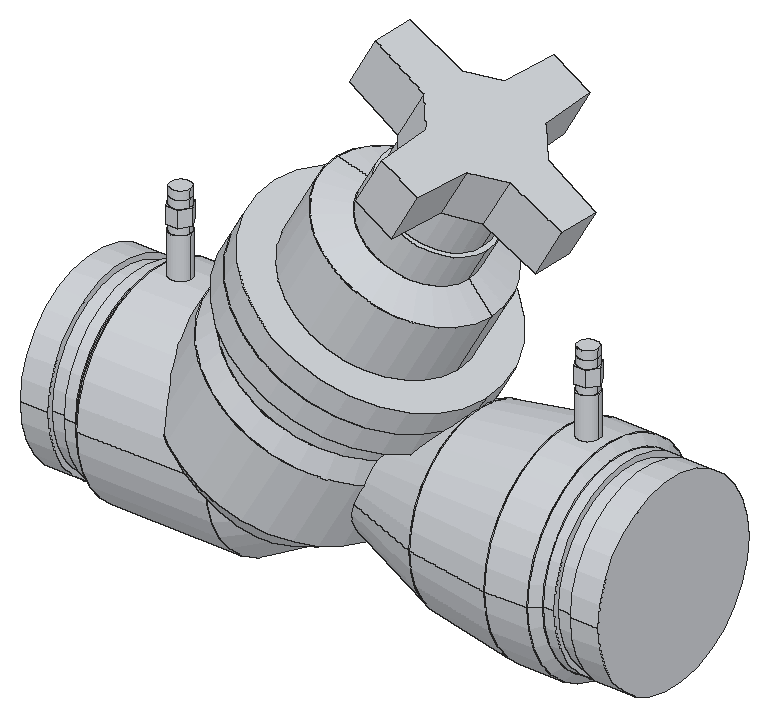
Revit family "447_d-DN100-RFA_2018", category Pipe Accessories, Revit 2018
Family settings
  Round Connector Dimension = Use Diameter
  Part Type = Valve - Breaks Into
  Work Plane-Based = No
  Always vertical = Yes
  Cut with Voids When Loaded = No
  Shared = No
Parameters (values of type "447_d-DN100")
  magiProductId = "e5a6bfdd9ca54003a0551f5d760c3c"
  magiProductFamilyId = "eab8c084d85f47fc9aed3208e9defb"
  magiPartTypeId = 304
  isMeasuringValve [instance] = no
  ang2D [instance] = 0.00°
  W3 = 14.437 mm
  W2D = 100 mm
  W2 = 30.026 mm
  W1 = 12.736 mm
  VersionID = "2.0/2018.4.11.4/ZETKAMA_447_GROOVED_001"
  Use Minimum Symbol Size [instance] = yes
  URL = "www.hydronix.cz"
  Type Comments = "drážkový spoj; PN16; -10~+120°C;"
  R9 = 74.1 mm
  R8 = 31.35 mm
  R7 = 34.2 mm
  R6 = 68.4 mm
  R5 = 65 mm
  R4 = 31.35 mm
  R3 = 62.7 mm
  R2 = 54.15 mm
  R13 = 7.507 mm
  R12 = 5.875 mm
  R11 = 6.528 mm
  R1 = 57 mm
  R = 50 mm
  QmdConnectorList = "301;D;302;D"
  Productdata [instance] = ""
  Model = ""
  Manufacturer = "Hydronix"
  Maintenance Zone Under Depth [instance] = 57 mm
  Maintenance Zone Right Depth [instance] = 350 mm
  Maintenance Zone Over Depth [instance] = 240 mm
  Maintenance Zone Left Depth [instance] = 350 mm
  Maintenance Zone Front Depth [instance] = 130 mm
  Maintenance Zone Back Depth [instance] = 130 mm
  Maintenance Zone Front Visibility [instance] = no
  MC Product Code = "447 100 d (DN100; PN16 kvs180,5)"
  MC Piping Given Pressure Drop [instance] = 0.0 Pa
  L9 = 52.222 mm
  L8__ve = -L8  # -26.111 mm
  L8 = 26.111 mm
  L6 = 78.333 mm
  L5 = 5 mm
  L4__ve = -L4  # -6.667 mm
  L4 = 6.667 mm
  L3__ve = -L3  # -10 mm
  L3 = 10 mm
  L2__ve = -L2  # -16.667 mm
  L2D_Min = 3048 mm
  L2D = 350 mm
  L2 = 16.667 mm
  L13 = 13.056 mm
  L12 = 12.736 mm
  L11 = 14.437 mm
  L10 = 30.026 mm
  L1 = 175 mm
  KZ = 29.167 mm
  KL = 50.518 mm
  H9 = 6.389 mm
  H8 = 41.531 mm
  H7 = 15.973 mm
  H6 = 19.168 mm
  H5 = 12.779 mm
  H4 = 47.92 mm
  H17 = 9.6 mm
  H16 = 4.8 mm
  H15 = 86.7 mm
  H14 = 31.947 mm
  H13 = 23.96 mm
  H11 = 25.557 mm
  H10 = 22.363 mm
  Description = "Ruční vyvažovací ventil s drážkovým spojem"
  D = 100 mm
  CenSd_R13_6 = R13 * cos(30.00°)  # 6.501 mm
  Clearance Zone Height Depth [instance] = 240 mm
  Clearance Zone Circular Radius [instance] = 175 mm
  Clearance Zone Visibility [instance] = no
Types (10, lengths in mm): name | magiProductId | W3 | W2 | W1 | R9 | R8 | R7 | R6 | R5 | R4 | R3 | R2 | R13 | R12 | R11 | R1 | R | Maintenance Zone Under Depth | Maintenance Zone Right Depth | Maintenance Zone Over Depth | Maintenance Zone Left Depth | Maintenance Zone Front Depth | Maintenance Zone Back Depth | MC Product Code | L9 | L8__ve | L8 | L6 | L5 | L4__ve | L4 | L3__ve | L3 | L2__ve | L2 | L13 | L12 | L11 | L10 | L1 | KZ | KL | H9 | H8 | H7 | H6 | H5 | H4 | H17 | H16 | H15 | H14 | H13 | H11 | H10 | D | CenSd_R13_6 | Clearance Zone Height Depth | Clearance Zone Circular Radius
  447_d-DN100 | "e5a6bfdd9ca54003a0551f5d760c3c" | 14.437 | 30.026 | 12.736 | 74.1 | 31.35 | 34.2 | 68.4 | 65 | 31.35 | 62.7 | 54.15 | 7.507 | 5.875 | 6.528 | 57 | 50 | 57 | 350 | 240 | 350 | 130 | 130 | "447 100 d (DN100; PN16 kvs180,5)" | 52.222 | -26.111 | 26.111 | 78.333 | 5 | -6.667 | 6.667 | -10 | 10 | -16.667 | 16.667 | 13.056 | 12.736 | 14.437 | 30.026 | 175 | 29.167 | 50.518 | 6.389 | 41.531 | 15.973 | 19.168 | 12.779 | 47.92 | 9.6 | 4.8 | 86.7 | 31.947 | 23.96 | 25.557 | 22.363 | 100 | 6.501 | 240 | 175
  447_d-DN125 | "5795ec580370482d8c46e49d975863" | 14.437 | 30.026 | 12.736 | 91.65 | 38.775 | 42.3 | 84.6 | 65 | 38.775 | 77.55 | 66.975 | 8.579 | 6.714 | 7.46 | 70.5 | 62.5 | 71 | 400 | 260 | 400 | 130 | 130 | "447 125 d (DN125; PN16 kvs280,0)" | 59.683 | -29.841 | 29.841 | 89.524 | 5.714 | -7.619 | 7.619 | -11.429 | 11.429 | -19.048 | 19.048 | 14.921 | 12.736 | 14.437 | 30.026 | 200 | 33.333 | 57.735 | 7.005 | 45.534 | 17.513 | 21.016 | 14.01 | 52.539 | 10.4 | 5.2 | 103.55 | 35.026 | 26.269 | 28.021 | 24.518 | 125 | 7.43 | 260 | 200
  447_d-DN150 | "9b6b5ad10a674c51b522359e7e2d39" | 14.437 | 30.026 | 12.736 | 109.2 | 46.2 | 50.4 | 100.8 | 65 | 46.2 | 92.4 | 79.8 | 10.295 | 8.057 | 8.952 | 84 | 75 | 84 | 480 | 285 | 480 | 130 | 130 | "447 150 d (DN150; PN16 kvs383,4)" | 71.619 | -35.81 | 35.81 | 107.429 | 6.857 | -9.143 | 9.143 | -13.714 | 13.714 | -22.857 | 22.857 | 17.905 | 12.736 | 14.437 | 30.026 | 240 | 40 | 69.282 | 7.775 | 50.537 | 19.437 | 23.325 | 15.55 | 58.312 | 11.4 | 5.7 | 120.9 | 38.875 | 29.156 | 31.1 | 27.212 | 150 | 8.916 | 285 | 240
  447_d-DN200 | "f5a67fe5c2444fc986ed7f87b9a4ed" | 31.658 | 71.601 | 30.372 | 142.35 | 60.225 | 65.7 | 131.4 | 155 | 60.225 | 120.45 | 104.025 | 12.869 | 10.071 | 11.19 | 109.5 | 100 | 110 | 600 | 480 | 600 | 310 | 310 | "447 200 d (DN200; PN16 kvs710,0)" | 89.524 | -44.762 | 44.762 | 134.286 | 8.571 | -11.429 | 11.429 | -17.143 | 17.143 | -28.571 | 28.571 | 22.381 | 30.372 | 31.658 | 71.601 | 300 | 50 | 86.603 | 12.394 | 80.56 | 30.984 | 37.181 | 24.788 | 92.953 | 19.2 | 9.6 | 168.45 | 61.969 | 46.477 | 49.575 | 43.378 | 200 | 11.145 | 480 | 300
  447_d-DN250 | "7d63ae0d28f64990bc8ce3477101ef" | 31.658 | 71.601 | 30.372 | 177.45 | 75.075 | 81.9 | 163.8 | 155 | 75.075 | 150.15 | 129.675 | 15.657 | 12.254 | 13.615 | 136.5 | 125 | 137 | 730 | 525 | 730 | 310 | 310 | "447 250 d (DN250; PN16 kvs1187,5)" | 108.921 | -54.46 | 54.46 | 163.381 | 10.429 | -13.905 | 13.905 | -20.857 | 20.857 | -34.762 | 34.762 | 27.23 | 30.372 | 31.658 | 71.601 | 365 | 60.833 | 105.366 | 13.779 | 89.566 | 34.449 | 41.338 | 27.559 | 103.346 | 21 | 10.5 | 202.65 | 68.897 | 51.673 | 55.118 | 48.228 | 250 | 13.56 | 525 | 365
  447_d-DN300 | "0a2a34dba99a430aa7daf784d6b0c1" | 31.658 | 71.601 | 30.372 | 210.6 | 89.1 | 97.2 | 194.4 | 155 | 89.1 | 178.2 | 153.9 | 18.231 | 14.268 | 15.853 | 162 | 150 | 162 | 850 | 535 | 850 | 310 | 310 | "447 300 d (DN300; PN16 kvs1504,1)" | 126.825 | -63.413 | 63.413 | 190.238 | 12.143 | -16.19 | 16.19 | -24.286 | 24.286 | -40.476 | 40.476 | 31.706 | 30.372 | 31.658 | 71.601 | 425 | 70.833 | 122.687 | 14.087 | 91.568 | 35.218 | 42.262 | 28.175 | 105.655 | 21.4 | 10.7 | 231.7 | 70.437 | 52.828 | 56.349 | 49.306 | 300 | 15.789 | 535 | 425
  447_d-DN040 | "6dc4a6b5eb924103b02307904d600f" | 9.08 | 17.092 | 7.25 | 31.2 | 13.2 | 14.4 | 28.8 | 37 | 13.2 | 26.4 | 22.8 | 4.29 | 3.357 | 3.73 | 24 | 20 | 24 | 200 | 130 | 200 | 74 | 74 | "447 040 d (DN40; PN16 kvs22,36)" | 29.841 | -14.921 | 14.921 | 44.762 | 2.857 | -3.81 | 3.81 | -5.714 | 5.714 | -9.524 | 9.524 | 7.46 | 7.25 | 9.08 | 17.092 | 100 | 16.667 | 28.868 | 3.433 | 22.317 | 8.583 | 10.3 | 6.867 | 25.75 | 5.2 | 2.6 | 39.4 | 17.167 | 12.875 | 13.733 | 12.017 | 40 | 3.715 | 130 | 100
  447_d-DN050 | "b59a3d0ad4654cda90cee0c397c848" | 9.08 | 17.092 | 7.25 | 39 | 16.5 | 18 | 36 | 37 | 16.5 | 33 | 28.5 | 4.933 | 3.861 | 4.29 | 30 | 25 | 30 | 230 | 130 | 230 | 130 | 130 | "447 050 d (DN50; PN16 kvs32,15)" | 34.317 | -17.159 | 17.159 | 51.476 | 3.286 | -4.381 | 4.381 | -6.571 | 6.571 | -10.952 | 10.952 | 8.579 | 7.25 | 9.08 | 17.092 | 115 | 19.167 | 33.198 | 3.433 | 22.317 | 8.583 | 10.3 | 6.867 | 25.75 | 5.2 | 2.6 | 46 | 17.167 | 12.875 | 13.733 | 12.017 | 50 | 4.272 | 130 | 115
  447_d-DN065 | "356db372cd37496c9ff0d3ad255dc6" | 14.437 | 30.026 | 12.736 | 49.4 | 20.9 | 22.8 | 45.6 | 65 | 20.9 | 41.8 | 36.1 | 6.22 | 4.868 | 5.409 | 38 | 32.5 | 38 | 290 | 220 | 290 | 130 | 130 | "447 065 d (DN65; PN16 kvs83,3)" | 43.27 | -21.635 | 21.635 | 64.905 | 4.143 | -5.524 | 5.524 | -8.286 | 8.286 | -13.81 | 13.81 | 10.817 | 12.736 | 14.437 | 30.026 | 145 | 24.167 | 41.858 | 5.774 | 37.528 | 14.434 | 17.321 | 11.547 | 43.301 | 8.8 | 4.4 | 63.8 | 28.868 | 21.651 | 23.094 | 20.207 | 65 | 5.387 | 220 | 145
  447_d-DN080 | "f43aa02b4841429783243073d22ea7" | 14.437 | 30.026 | 12.736 | 57.85 | 24.475 | 26.7 | 53.4 | 65 | 24.475 | 48.95 | 42.275 | 6.649 | 5.204 | 5.782 | 44.5 | 40 | 45 | 310 | 220 | 310 | 130 | 130 | "447 080 d (DN80; PN16 kvs104,3)" | 46.254 | -23.127 | 23.127 | 69.381 | 4.429 | -5.905 | 5.905 | -8.857 | 8.857 | -14.762 | 14.762 | 11.563 | 12.736 | 14.437 | 30.026 | 155 | 25.833 | 44.745 | 5.774 | 37.528 | 14.434 | 17.321 | 11.547 | 43.301 | 8.8 | 4.4 | 70.95 | 28.868 | 21.651 | 23.094 | 20.207 | 80 | 5.758 | 220 | 155
Reference planes
  plane 1 "Center (Front/Back)": y = 0
  plane 2 "XYPLANE": z = 0
  plane 3 "Center (Left/Right)": x = 0
  plane 4 "159": y = 130
  plane 5 "158": y = -130
  plane 6 "157": z = -57
  plane 7 "156": z = 240
  plane 8 "155": x = -350
  plane 9 "154": x = 350
  plane 10 "132": z = 105.9
  plane 11 "125": z = 101.1
  plane 12 "120": z = 91.5
  plane 13 "119": z = 86.7
  plane 14 "112": x = 123.611
  plane 15 "111": x = -123.611
  plane 16 "109": y = -14.437
  plane 17 "108": y = 14.437
  plane 18 "105": through (342.28, 0, 668.41) normal (0.866, 0, -0.5)
  plane 19 "104": through (320.22, 0, 681.146) normal (0.866, 0, -0.5)
  plane 20 "103": y = -30.026
  plane 21 "102": y = -12.736
  plane 22 "101": y = 30.026
  plane 23 "100": y = 12.736
  plane 24 "99": through (318.747, 0, 681.997) normal (0.866, 0, -0.5)
  plane 25 "98": through (305.247, 0, 689.791) normal (0.866, 0, -0.5)
  plane 26 "97": through (343.753, 0, 667.56) normal (0.866, 0, -0.5)
  plane 27 "96": through (357.253, 0, 659.765) normal (0.866, 0, -0.5)
  plane 28 "95": y = -65
  plane 29 "94": y = 65
  plane 30 "93": through (387.542, 0, 642.278) normal (0.866, 0, -0.5)
  plane 31 "92": through (274.958, 0, 707.278) normal (0.866, 0, -0.5)
  plane 32 "88": x = 58.333
  plane 33 "87": x = 110.556
  plane 34 "81": through (-560.276, 0, 529.574) normal (0.5, 0, 0.866)
  plane 35 "80": through (-573.054, 0, 507.441) normal (0.5, 0, 0.866)
  plane 36 "75": through (-584.236, 0, 488.074) normal (0.5, 0, 0.866)
  plane 37 "72": through (-587.43, 0, 482.541) normal (0.5, 0, 0.866)
  plane 38 "68": through (-608.196, 0, 446.574) normal (0.5, 0, 0.866)
  plane 39 "67": through (-616.182, 0, 432.741) normal (0.5, 0, 0.866)
  plane 40 "62": through (-676.082, 0, 328.991) normal (0.5, 0, 0.866)
  plane 41 "61": through (-624.169, 0, 418.908) normal (0.5, 0, 0.866)
  plane 42 "58": through (-633.753, 0, 402.308) normal (0.5, 0, 0.866)
  plane 43 "56": through (-640.142, 0, 391.241) normal (0.5, 0, 0.866)
  plane 44 "51": y = 0
  plane 45 "49": through (331.25, 0, 674.778) normal (0.866, 0, -0.5)
  plane 46 "48": through (-664.102, 0, 349.741) normal (0.5, 0, 0.866)
  plane 47 "30": x = 136.667
  plane 48 "29": x = 141.667
  plane 49 "28": x = 148.333
  plane 50 "27": x = 158.333
  plane 51 "14": x = -58.333
  plane 52 "13": x = -136.667
  plane 53 "12": x = -141.667
  plane 54 "11": x = -148.333
  plane 55 "10": x = -158.333
  plane 56 "8": x = -175
  plane 57 "7": x = 175
  plane 58 "6": y = 0
  plane 59 "5": x = 0
  plane 60 "4": z = 0
  plane 61 "45XY": through (-649.519, 0, 375) normal (0.5, 0, 0.866)
  plane 62 "45XZ": y = 0
  plane 63 "45YZ": through (375, 0, 649.519) normal (0.866, 0, -0.5)
Forms (mm)
  Blend 1, solid, visible <- "Maintenance Zone Front Visibility"
    base sketch origin (-750, 0, -57) x (1, 0, 0) y (0, 1, 0)
      loop
        line (400, 130) -> (400, -130) -> (1100, -130) -> (1100, 130) -> (400, 130)
    top sketch origin (-750, 0, -57) x (1, 0, 0) y (0, 1, 0)
      loop
        line (400, 130) -> (400, -130) -> (1100, -130) -> (1100, 130) -> (400, 130)
    from 0 to 297
  Extrusion 2, solid, visible <- "Clearance Zone Visibility"
    sketch origin (-750, 0, 0) x (1, 0, 0) y (0, 1, 0)
      loop
        circle (750, 0) r 175
    from 0 to 240 <- "Clearance Zone Height Depth"
  Extrusion 3, solid
    sketch origin (-750, 0, 105.9) x (1, 0, 0) y (0, 1, 0)
      loop
        circle (873.611, 0) r 5.875
    from 0 to 4.8 <- "H16"
  Extrusion 4, solid
    sketch origin (-750, 0, 101.1) x (1, 0, 0) y (0, 1, 0)
      loop
        circle (873.611, 0) r 5.875
    from 0 to 4.8 <- "H16"
  Extrusion 5, solid
    sketch origin (-750, 0, 105.9) x (1, 0, 0) y (0, 1, 0)
      loop
        circle (626.389, 0) r 5.875
    from 0 to 4.8 <- "H16"
  Extrusion 6, solid
    sketch origin (-750, 0, 101.1) x (1, 0, 0) y (0, 1, 0)
      loop
        circle (626.389, 0) r 5.875
    from 0 to 4.8 <- "H16"
  Extrusion 7, solid
    sketch origin (-750, 0, 91.5) x (1, 0, 0) y (0, 1, 0)
      loop
        line (881.118, 0) -> (877.365, 6.501) -> (869.858, 6.501) -> (866.104, 0) -> (869.858, -6.501) -> (877.365, -6.501) -> (881.118, 0)
    from 0 to 9.6 <- "H17"
  Extrusion 8, solid
    sketch origin (-750, 0, 91.5) x (1, 0, 0) y (0, 1, 0)
      loop
        line (633.896, 0) -> (630.142, 6.501) -> (622.635, 6.501) -> (618.882, 0) -> (622.635, -6.501) -> (630.142, -6.501) -> (633.896, 0)
    from 0 to 9.6 <- "H17"
  Extrusion 9, solid
    sketch origin (-750, 0, 86.7) x (1, 0, 0) y (0, 1, 0)
      loop
        circle (873.611, 0) r 5.875
    from 0 to 4.8 <- "H16"
  Extrusion 10, solid
    sketch origin (-750, 0, 86.7) x (1, 0, 0) y (0, 1, 0)
      loop
        circle (626.389, 0) r 5.875
    from 0 to 4.8 <- "H16"
  Extrusion 11, solid
    sketch origin (-750, 0, 0) x (1, 0, 0) y (0, 1, 0)
      loop
        circle (873.611, 0) r 6.528
    from 0 to 86.7 <- "H15"
  Extrusion 12, solid
    sketch origin (-750, 0, 0) x (1, 0, 0) y (0, 1, 0)
      loop
        circle (626.389, 0) r 6.528
    from 0 to 86.7 <- "H15"
  Extrusion 13, solid
    sketch origin (-560.276, 0, 529.574) x (0.866025, 0, -0.5) y (0, 1, 0)
      loop
        line (634.482, 12.736) -> (634.482, -12.736) -> (669.456, -14.437) -> (685.045, -30.026) -> (686.745, -65) -> (712.218, -65) -> (713.919, -30.026) -> (729.508, -14.437) -> (764.482, -12.736) -> (764.482, 12.736) -> (729.508, 14.437) -> (713.919, 30.026) -> (712.218, 65) -> (686.745, 65) -> (685.045, 30.026) -> (669.456, 14.437) -> (634.482, 12.736)
    from 0 to 31.947 <- "H14"
  Blend 14, solid
    base sketch origin (110.556, -750, 0) x (0, 1, 0) y (0, 0, 1)
      loop
        circle (750, 0) r 62.7
    top sketch origin (110.556, -750, 0) x (0, 1, 0) y (0, 0, 1)
      loop
        circle (750, 0) r 54.15
    from 0 to -52.222
  Extrusion 15, solid
    sketch origin (-616.182, 0, 432.741) x (0.866025, 0, -0.5) y (0, 1, 0)
      loop
        circle (699.482, 0) r 74.1
    from 0 to 15.973 <- "H7"
  Extrusion 16, solid
    sketch origin (-624.169, 0, 418.908) x (0.866025, 0, -0.5) y (0, 1, 0)
      loop
        circle (699.482, 0) r 74.1
    from 0 to 15.973 <- "H7"
  Extrusion 17, solid
    sketch origin (-573.054, 0, 507.441) x (0.866025, 0, -0.5) y (0, 1, 0)
      loop
        circle (699.482, 0) r 31.35
    from 0 to 25.557 <- "H11"
  Blend 18, solid
    base sketch origin (-587.43, 0, 482.541) x (0.866025, 0, -0.5) y (0, 1, 0)
      loop
        circle (699.482, 0) r 54.15
    top sketch origin (-587.43, 0, 482.541) x (0.866025, 0, -0.5) y (0, 1, 0)
      loop
        circle (699.482, 0) r 34.2
    from 0 to 6.389
  Extrusion 19, solid
    sketch origin (-608.196, 0, 446.574) x (0.866025, 0, -0.5) y (0, 1, 0)
      loop
        circle (699.482, 0) r 54.15
    from 0 to 41.531 <- "H8"
  Extrusion 20, solid
    sketch origin (-584.236, 0, 488.074) x (0.866025, 0, -0.5) y (0, 1, 0)
      loop
        circle (699.482, 0) r 34.2
    from 0 to 22.363 <- "H10"
  Blend 21, solid
    base sketch origin (-664.102, 0, 349.741) x (0.866025, 0, -0.5) y (0, 1, 0)
      loop
        circle (699.482, 0) r 68.4
    top sketch origin (-664.102, 0, 349.741) x (0.866025, 0, -0.5) y (0, 1, 0)
      loop
        circle (699.482, 0) r 50
    from 0 to -23.96
  Extrusion 22, solid
    sketch origin (-633.753, 0, 402.308) x (0.866025, 0, -0.5) y (0, 1, 0)
      loop
        circle (699.482, 0) r 62.7
    from 0 to 19.168 <- "H6"
  Blend 23, solid
    base sketch origin (-640.142, 0, 391.241) x (0.866025, 0, -0.5) y (0, 1, 0)
      loop
        circle (699.482, 0) r 68.4
    top sketch origin (-640.142, 0, 391.241) x (0.866025, 0, -0.5) y (0, 1, 0)
      loop
        circle (699.482, 0) r 62.7
    from 0 to 12.779
  Extrusion 24, solid
    sketch origin (-664.102, 0, 349.741) x (0.866025, 0, -0.5) y (0, 1, 0)
      loop
        circle (699.482, 0) r 68.4
    from 0 to 47.92 <- "H4"
  Extrusion 25, solid
    sketch origin (175, -750, 0) x (0, 1, 0) y (0, 0, 1)
      loop
        circle (750, 0) r 57
    from 0 to -16.667 <- "L2__ve"
  Extrusion 26, solid
    sketch origin (158.333, -750, 0) x (0, 1, 0) y (0, 0, 1)
      loop
        circle (750, 0) r 54.15
    from 0 to -10 <- "L3__ve"
  Extrusion 27, solid
    sketch origin (148.333, -750, 0) x (0, 1, 0) y (0, 0, 1)
      loop
        circle (750, 0) r 57
    from 0 to -6.667 <- "L4__ve"
  Blend 28, solid
    base sketch origin (141.667, -750, 0) x (0, 1, 0) y (0, 0, 1)
      loop
        circle (750, 0) r 57
    top sketch origin (141.667, -750, 0) x (0, 1, 0) y (0, 0, 1)
      loop
        circle (750, 0) r 62.7
    from 0 to -5
  Extrusion 29, solid
    sketch origin (136.667, -750, 0) x (0, 1, 0) y (0, 0, 1)
      loop
        circle (750, 0) r 62.7
    from 0 to -26.111 <- "L8__ve"
  Blend 30, solid
    base sketch origin (58.333, -750, 0) x (0, 1, 0) y (0, 0, 1)
      loop
        circle (750, 0) r 54.15
    top sketch origin (58.333, -750, 0) x (0, 1, 0) y (0, 0, 1)
      loop
        circle (750, 0) r 31.35
    from 0 to -58.333
  Blend 31, solid
    base sketch origin (-58.333, -750, 0) x (0, 1, 0) y (0, 0, 1)
      loop
        circle (750, 0) r 62.7
    top sketch origin (-58.333, -750, 0) x (0, 1, 0) y (0, 0, 1)
      loop
        circle (750, 0) r 31.35
    from 0 to 58.333
  Extrusion 32, solid
    sketch origin (-136.667, -750, 0) x (0, 1, 0) y (0, 0, 1)
      loop
        circle (750, 0) r 62.7
    from 0 to 78.333 <- "L6"
  Blend 33, solid
    base sketch origin (-141.667, -750, 0) x (0, 1, 0) y (0, 0, 1)
      loop
        circle (750, 0) r 57
    top sketch origin (-141.667, -750, 0) x (0, 1, 0) y (0, 0, 1)
      loop
        circle (750, 0) r 62.7
    from 0 to 5
  Extrusion 34, solid
    sketch origin (-148.333, -750, 0) x (0, 1, 0) y (0, 0, 1)
      loop
        circle (750, 0) r 57
    from 0 to 6.667 <- "L4"
  Extrusion 35, solid
    sketch origin (-158.333, -750, 0) x (0, 1, 0) y (0, 0, 1)
      loop
        circle (750, 0) r 54.15
    from 0 to 10 <- "L3"
  Extrusion 36, solid
    sketch origin (-175, -750, 0) x (0, 1, 0) y (0, 0, 1)
      loop
        circle (750, 0) r 57
    from 0 to 16.667 <- "L2"
  Extrusion 37, solid, not visible
    sketch origin (-175, -750, 0) x (0, 1, 0) y (0, 0, 1)
      loop
        circle (750, 0) r 10
    from 0 to 10
  Extrusion 38, solid, not visible
    sketch origin (175, -750, 0) x (0, 1, 0) y (0, 0, 1)
      loop
        circle (750, 0) r 10
    from 0 to -10
Lines and regions (mm)
  reference lines, not visible
    curve 1: circle (2, 2, 0) r 1 normal (0, 0, 1)
  reference lines
    curve 2: line (123.611, 0, 91.5) -> (121.734, 3.251, 91.5)
    curve 3: line (123.611, 0, 91.5) -> (119.858, 0, 91.5)
    curve 4: line (123.611, 0, 91.5) -> (121.734, -3.251, 91.5)
    curve 5: line (-123.611, 0, 91.5) -> (-125.488, 3.251, 91.5)
    curve 6: line (-123.611, 0, 91.5) -> (-127.365, 0, 91.5)
    curve 7: line (-123.611, 0, 91.5) -> (-125.488, -3.251, 91.5)
Dimensions and locks
  plane 1 "Center (Front/Back)" to curve 1 = 2 mm
  "Maintenance Zone Back Depth": plane 1 "Center (Front/Back)" to plane 4 "159"
  "Maintenance Zone Front Depth": plane 1 "Center (Front/Back)" to plane 5 "158"
  "Maintenance Zone Under Depth": plane 2 "XYPLANE" to plane 6 "157"
  "Maintenance Zone Over Depth": plane 2 "XYPLANE" to plane 7 "156"
  "Maintenance Zone Left Depth": plane 3 "Center (Left/Right)" to plane 8 "155"
  "Maintenance Zone Right Depth": plane 3 "Center (Left/Right)" to plane 9 "154"
  "H16": plane 11 "125" to plane 10 "132"
  "H17": plane 12 "120" to plane 11 "125"
  "H16": plane 13 "119" to plane 12 "120"
  "H15": plane 2 "XYPLANE" to plane 13 "119"
  "L13": plane 47 "30" to plane 14 "112"
  "L13": plane 52 "13" to plane 15 "111"
  "W3": plane 44 "51" to plane 16 "109"
  "W3": plane 44 "51" to plane 17 "108"
  "L12": plane 45 "49" to plane 18 "105"
  "L12": plane 45 "49" to plane 19 "104"
  "W2": plane 58 "6" to plane 20 "103"
  "W1": plane 58 "6" to plane 21 "102"
  "W2": plane 58 "6" to plane 22 "101"
  "W1": plane 58 "6" to plane 23 "100"
  "L11": plane 45 "49" to plane 24 "99"
  "L10": plane 45 "49" to plane 25 "98"
  "L11": plane 45 "49" to plane 26 "97"
  "L10": plane 45 "49" to plane 27 "96"
  "R5": plane 58 "6" to plane 28 "95"
  "R5": plane 58 "6" to plane 29 "94"
  "R5": plane 45 "49" to plane 30 "93"
  "R5": plane 45 "49" to plane 31 "92"
  "L9": plane 33 "87" to plane 32 "88"
  "L8": plane 47 "30" to plane 33 "87"
  "H11": plane 35 "80" to plane 34 "81"
  "H10": plane 36 "75" to plane 35 "80"
  "H9": plane 37 "72" to plane 36 "75"
  "H8": plane 38 "68" to plane 37 "72"
  "H7": plane 39 "67" to plane 38 "68"
  "H7": plane 41 "61" to plane 39 "67"
  "H13": plane 46 "48" to plane 40 "62"
  "H6": plane 42 "58" to plane 41 "61"
  "H5": plane 43 "56" to plane 42 "58"
  "H4": plane 46 "48" to plane 43 "56"
  locked: plane 58 "6" to plane 44 "51"
  "KL": plane 63 "45YZ" to plane 45 "49"
  "KZ": plane 61 "45XY" to plane 46 "48"
  "L5": plane 48 "29" to plane 47 "30"
  "L4": plane 49 "28" to plane 48 "29"
  "L3": plane 50 "27" to plane 49 "28"
  "L2": plane 57 "7" to plane 50 "27"
  "L6": plane 52 "13" to plane 51 "14"
  "L5": plane 53 "12" to plane 52 "13"
  "L4": plane 54 "11" to plane 53 "12"
  "L3": plane 55 "10" to plane 54 "11"
  "L2": plane 56 "8" to plane 55 "10"
  "L1": plane 3 "Center (Left/Right)" to plane 56 "8"
  "L1": plane 3 "Center (Left/Right)" to plane 57 "7"
  locked: plane 1 "Center (Front/Back)" to plane 58 "6"
  locked: plane 3 "Center (Left/Right)" to plane 59 "5"
  locked: plane 2 "XYPLANE" to plane 60 "4"
  Blend 1 sketch curve to Blend 1 sketch curve = 0 mm  (x16)
  "CenSd_R13_6": curve 2 to Extrusion 7 sketch curve  (x2)
  "CenSd_R13_6": curve 3 to Extrusion 7 sketch curve  (x2)
  "CenSd_R13_6": curve 4 to Extrusion 7 sketch curve  (x2)
  Extrusion 7 sketch curve to Extrusion 7 sketch curve = 0 mm  (x12)
  "CenSd_R13_6": curve 5 to Extrusion 8 sketch curve  (x2)
  "CenSd_R13_6": curve 6 to Extrusion 8 sketch curve  (x2)
  "CenSd_R13_6": curve 7 to Extrusion 8 sketch curve  (x2)
  Extrusion 8 sketch curve to Extrusion 8 sketch curve = 0 mm  (x12)
  Extrusion 13 sketch curve to Extrusion 13 sketch curve = 0 mm  (x32)
  "Clearance Zone Circular Radius": radius of Extrusion 2 sketch curve
  "R12": radius of Extrusion 3 sketch curve
  "R12": radius of Extrusion 4 sketch curve
  "R12": radius of Extrusion 5 sketch curve
  "R12": radius of Extrusion 6 sketch curve
  "R12": radius of Extrusion 9 sketch curve
  "R12": radius of Extrusion 10 sketch curve
  "R11": radius of Extrusion 11 sketch curve
  "R11": radius of Extrusion 12 sketch curve
  "R2": radius of Blend 14 sketch curve
  "R3": radius of Blend 14 sketch curve
  "R9": radius of Extrusion 15 sketch curve
  "R9": radius of Extrusion 16 sketch curve
  "R8": radius of Extrusion 17 sketch curve
  "R7": radius of Blend 18 sketch curve
  "R2": radius of Blend 18 sketch curve
  "R2": radius of Extrusion 19 sketch curve
  "R7": radius of Extrusion 20 sketch curve
  "R": radius of Blend 21 sketch curve
  "R6": radius of Blend 21 sketch curve
  "R3": radius of Extrusion 22 sketch curve
  "R3": radius of Blend 23 sketch curve
  "R6": radius of Blend 23 sketch curve
  "R6": radius of Extrusion 24 sketch curve
  "R1": radius of Extrusion 25 sketch curve
  "R2": radius of Extrusion 26 sketch curve
  "R1": radius of Extrusion 27 sketch curve
  "R3": radius of Blend 28 sketch curve
  "R1": radius of Blend 28 sketch curve
  "R3": radius of Extrusion 29 sketch curve
  "R4": radius of Blend 30 sketch curve
  "R2": radius of Blend 30 sketch curve
  "R4": radius of Blend 31 sketch curve
  "R3": radius of Blend 31 sketch curve
  "R3": radius of Extrusion 32 sketch curve
  "R3": radius of Blend 33 sketch curve
  "R1": radius of Blend 33 sketch curve
  "R1": radius of Extrusion 34 sketch curve
  "R2": radius of Extrusion 35 sketch curve
  "R1": radius of Extrusion 36 sketch curve
  locked: curve 3 to curve 2 (angle 60.00°)
  locked: curve 4 to curve 3 (angle 60.00°)
  locked: curve 4 to curve 2 (angle 120.00°)
  locked: curve 6 to curve 5 (angle 60.00°)
  locked: curve 7 to curve 6 (angle 60.00°)
  locked: curve 7 to curve 5 (angle 120.00°)
  aligned and locked: level to plane 2 "XYPLANE"
  aligned and locked: Blend 1 sketch curve to plane 8 "155"  (x2)
  aligned and locked: plane 4 "159" to Blend 1 sketch curve  (x4)
  aligned and locked: plane 5 "158" to Blend 1 sketch curve  (x4)
  aligned and locked: plane 8 "155" to Blend 1 sketch curve  (x2)
  aligned and locked: plane 9 "154" to Blend 1 sketch curve  (x4)
  aligned and locked: plane 7 "156" to Blend 1
  aligned and locked: plane 58 "6" to Extrusion 2 sketch curve
  aligned and locked: plane 59 "5" to Extrusion 2 sketch curve
  aligned and locked: plane 14 "112" to Extrusion 3 sketch curve
  aligned and locked: plane 58 "6" to Extrusion 3 sketch curve
  aligned and locked: plane 14 "112" to Extrusion 4 sketch curve
  aligned and locked: plane 58 "6" to Extrusion 4 sketch curve
  aligned and locked: plane 15 "111" to Extrusion 5 sketch curve
  aligned and locked: plane 58 "6" to Extrusion 5 sketch curve
  aligned and locked: plane 15 "111" to Extrusion 6 sketch curve
  aligned and locked: plane 58 "6" to Extrusion 6 sketch curve
  aligned and locked: plane 14 "112" to curve 4
  aligned and locked: plane 58 "6" to curve 4
  aligned and locked: plane 15 "111" to curve 6
  aligned and locked: plane 58 "6" to curve 6
  aligned and locked: plane 14 "112" to Extrusion 9 sketch curve
  aligned and locked: plane 58 "6" to Extrusion 9 sketch curve
  aligned and locked: plane 15 "111" to Extrusion 10 sketch curve
  aligned and locked: plane 58 "6" to Extrusion 10 sketch curve
  aligned and locked: plane 14 "112" to Extrusion 11 sketch curve
  aligned and locked: plane 58 "6" to Extrusion 11 sketch curve
  aligned and locked: plane 15 "111" to Extrusion 12 sketch curve
  aligned and locked: plane 58 "6" to Extrusion 12 sketch curve
  aligned and locked: Extrusion 13 sketch curve to plane 31 "92"  (x2)
  aligned and locked: plane 23 "100" to Extrusion 13 sketch curve  (x2)
  aligned and locked: plane 21 "102" to Extrusion 13 sketch curve  (x2)
  aligned and locked: plane 16 "109" to Extrusion 13 sketch curve  (x2)
  aligned and locked: Extrusion 13 sketch curve to plane 25 "98"
  aligned and locked: plane 20 "103" to Extrusion 13 sketch curve  (x2)
  aligned and locked: Extrusion 13 sketch curve to plane 24 "99"
  aligned and locked: plane 28 "95" to Extrusion 13 sketch curve  (x2)
  aligned and locked: Extrusion 13 sketch curve to plane 19 "104"
  aligned and locked: Extrusion 13 sketch curve to plane 18 "105"
  aligned and locked: Extrusion 13 sketch curve to plane 26 "97"
  aligned and locked: Extrusion 13 sketch curve to plane 27 "96"
  aligned and locked: Extrusion 13 sketch curve to plane 30 "93"
  aligned and locked: plane 30 "93" to Extrusion 13 sketch curve
  aligned and locked: plane 17 "108" to Extrusion 13 sketch curve  (x2)
  aligned and locked: plane 27 "96" to Extrusion 13 sketch curve
  aligned and locked: plane 22 "101" to Extrusion 13 sketch curve  (x2)
  aligned and locked: plane 26 "97" to Extrusion 13 sketch curve
  aligned and locked: plane 18 "105" to Extrusion 13 sketch curve
  aligned and locked: plane 29 "94" to Extrusion 13 sketch curve  (x2)
  aligned and locked: plane 19 "104" to Extrusion 13 sketch curve
  aligned and locked: plane 24 "99" to Extrusion 13 sketch curve
  aligned and locked: plane 25 "98" to Extrusion 13 sketch curve
  aligned and locked: Blend 14 sketch curve to plane 58 "6"  (x2)
  aligned and locked: plane 60 "4" to Blend 14 sketch curve  (x2)
  aligned and locked: Blend 14 to plane 32 "88"
  aligned and locked: plane 44 "51" to Extrusion 15 sketch curve
  aligned and locked: Extrusion 15 sketch curve to plane 45 "49"
  aligned and locked: plane 44 "51" to Extrusion 16 sketch curve
  aligned and locked: Extrusion 16 sketch curve to plane 45 "49"
  aligned and locked: plane 44 "51" to Extrusion 17 sketch curve
  aligned and locked: Extrusion 17 sketch curve to plane 45 "49"
  aligned and locked: plane 44 "51" to Blend 18 sketch curve  (x2)
  aligned and locked: Blend 18 sketch curve to plane 45 "49"  (x2)
  aligned and locked: plane 36 "75" to Blend 18
  aligned and locked: plane 44 "51" to Extrusion 19 sketch curve
  aligned and locked: Extrusion 19 sketch curve to plane 45 "49"
  aligned and locked: plane 44 "51" to Extrusion 20 sketch curve
  aligned and locked: Extrusion 20 sketch curve to plane 45 "49"
  aligned and locked: plane 44 "51" to Blend 21 sketch curve  (x2)
  aligned and locked: Blend 21 sketch curve to plane 45 "49"  (x2)
  aligned and locked: Blend 21 to plane 40 "62"
  aligned and locked: plane 44 "51" to Extrusion 22 sketch curve
  aligned and locked: Extrusion 22 sketch curve to plane 45 "49"
  aligned and locked: plane 44 "51" to Blend 23 sketch curve  (x2)
  aligned and locked: Blend 23 sketch curve to plane 45 "49"  (x2)
  aligned and locked: plane 42 "58" to Blend 23
  aligned and locked: plane 44 "51" to Extrusion 24 sketch curve
  aligned and locked: Extrusion 24 sketch curve to plane 45 "49"
  aligned and locked: Extrusion 25 sketch curve to plane 58 "6"
  aligned and locked: plane 60 "4" to Extrusion 25 sketch curve
  aligned and locked: Extrusion 26 sketch curve to plane 58 "6"
  aligned and locked: plane 60 "4" to Extrusion 26 sketch curve
  aligned and locked: Extrusion 27 sketch curve to plane 58 "6"
  aligned and locked: plane 60 "4" to Extrusion 27 sketch curve
  aligned and locked: Blend 28 sketch curve to plane 58 "6"  (x2)
  aligned and locked: plane 60 "4" to Blend 28 sketch curve  (x2)
  aligned and locked: Blend 28 to plane 47 "30"
  aligned and locked: Extrusion 29 sketch curve to plane 58 "6"
  aligned and locked: plane 60 "4" to Extrusion 29 sketch curve
  aligned and locked: Blend 30 sketch curve to plane 58 "6"  (x2)
  aligned and locked: plane 60 "4" to Blend 30 sketch curve  (x2)
  aligned and locked: Blend 30 to plane 59 "5"
  aligned and locked: Blend 31 sketch curve to plane 58 "6"  (x2)
  aligned and locked: plane 60 "4" to Blend 31 sketch curve  (x2)
  aligned and locked: plane 59 "5" to Blend 31
  aligned and locked: Extrusion 32 sketch curve to plane 58 "6"
  aligned and locked: plane 60 "4" to Extrusion 32 sketch curve
  aligned and locked: Blend 33 sketch curve to plane 58 "6"  (x2)
  aligned and locked: plane 60 "4" to Blend 33 sketch curve  (x2)
  aligned and locked: plane 52 "13" to Blend 33
  aligned and locked: Extrusion 34 sketch curve to plane 58 "6"
  aligned and locked: plane 60 "4" to Extrusion 34 sketch curve
  aligned and locked: Extrusion 35 sketch curve to plane 58 "6"
  aligned and locked: plane 60 "4" to Extrusion 35 sketch curve
  aligned and locked: Extrusion 36 sketch curve to plane 58 "6"
  aligned and locked: plane 60 "4" to Extrusion 36 sketch curve
  aligned and locked: Extrusion 37 sketch curve to plane 58 "6"
  aligned and locked: plane 60 "4" to Extrusion 37 sketch curve
  aligned and locked: Extrusion 38 sketch curve to plane 58 "6"
  aligned and locked: plane 60 "4" to Extrusion 38 sketch curve
Automatic sketch dimensions
  plane 21 "102" to Extrusion 37 sketch curve = 2.736 mm
  plane 21 "102" to Extrusion 38 sketch curve = 2.736 mm
  plane 3 "Center (Left/Right)" to curve 1 = 2 mm
  radius of curve 1 = 1 mm
Connectors
  piping at (-175, 0, 0), diameter 100, driven by "D"
    settings: on Extrusion 37, index 1, connector inside diameter 609.6 mm, connector length 0 mm, flow factor 0, pipe flow 0.0 L/s, pressure drop 0.0 Pa, fitting loss kfactor 0, connector angle 0.00°, fixture units 0, engagement length 0 mm, angle of deflection 0.00°, flow configuration 0, flow direction 0, fitting loss method 0, system type 29, joint type 0, gender type 0, connector reference index 2, connector utility 0, adjustable connector no, is connector primary yes, connector description ""
  piping at (175, 0, 0), diameter 100, driven by "D"
    settings: on Extrusion 38, index 2, connector inside diameter 609.6 mm, connector length 0 mm, flow factor 0, pipe flow 0.0 L/s, pressure drop 0.0 Pa, fitting loss kfactor 0, connector angle 0.00°, fixture units 0, engagement length 0 mm, angle of deflection 0.00°, flow configuration 0, flow direction 0, fitting loss method 0, system type 29, joint type 0, gender type 0, connector reference index 1, connector utility 0, adjustable connector no, is connector primary no, connector description ""
